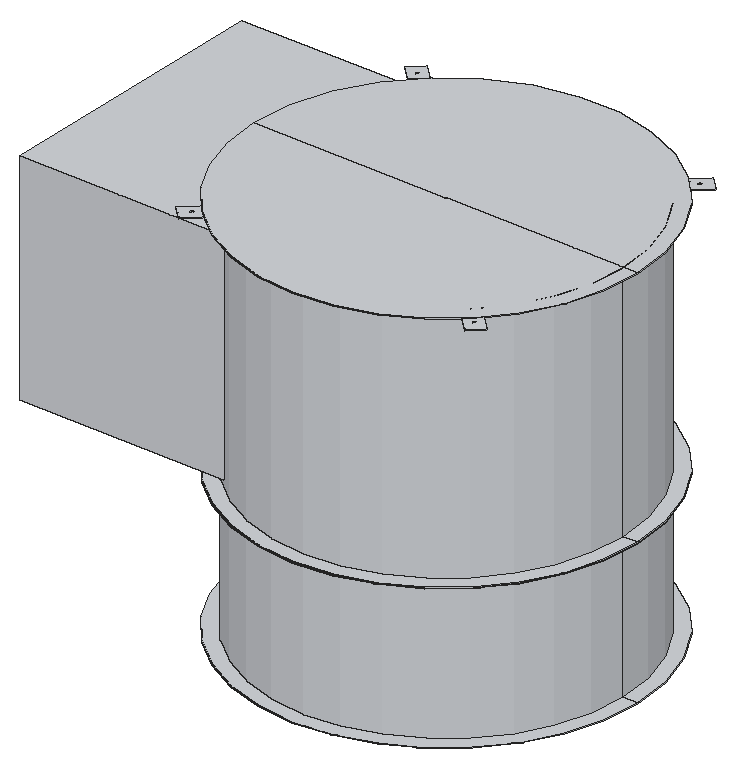
Revit family "AFBV-C_Downblast_Ceiling_Mount", category Mechanical Equipment, Revit 2019
Family settings
  Round Connector Dimension = Use Radius
  Part Type = Normal
  Work Plane-Based = No
  Always vertical = Yes
  Cut with Voids When Loaded = No
  Shared = No
  Room Calculation Point = No
Parameters (values of type "60_AFBV-C_DOWNBLAST_CEILING")
  VANE = 2' - 1"
  Unit Weight [instance] = ""
  ModelID [instance] = ""
  L/2 = L / 2  # 2' - 0 17/32"
  L = 4' - 1 1/16"
  K/2 = K / 2  # 0' - 0 7/32"
  K = 0' - 0 7/16"
  J/2 = J / 2  # 2' - 10 11/16"
  Accessories [instance] = ""
  45 = 45.00°  # constant formula
  (L-1")/2 = (L - 0' 1") / 2  # 2' - 0 1/32"
  (J+(J-A))/2 = (J + ((J - A) / 2)) / 2  # 3' - 0 11/16"
  J = 5' - 9 3/8"
  CENTER = 0' - 0"  # constant formula
  H-(A/2) = H - (A / 2)  # 2' - 0 1/16"
  H+J = H + CENTER  # 4' - 6 3/4"
  H = 4' - 6 3/4"
  Sones [instance] = ""
  Motor RPM [instance] = ""
  Motor Enclosure [instance] = ""
  LwA [instance] = ""
  G = 12' - 0"
  Fan RPM [instance] = ""
  F/2 = F / 2  # 0' - 1 1/2"
  F = 0' - 3"
  E/2 = E / 2  # 1' - 9"
  E-2" = E - 0' 2"  # 3' - 4"
  E = 3' - 6"
  C/2+J = C / 2 + CENTER  # 2' - 7 13/16"
  C/2 = C / 2  # 2' - 7 13/16"
  C = 5' - 3 5/8"
  B/2 = B / 2  # 2' - 9 3/8"
  B = 5' - 6 3/4"
  A/3 = A / 2.5  # 2' - 0.55"
  A/2 = A / 2  # 2' - 6 11/16"
  A = 5' - 1 3/8"
  60 = 60.00°  # constant formula
  30 = 30.00°  # constant formula
  3" = 0' - 3"  # constant formula
  Brake Hp [instance] = ""
  4" = 0' - 4"  # constant formula
  2' = 2' - 0"
  2" = 0' - 2"  # constant formula
  1" = 0' - 1"  # constant formula
  0 = 0' - 0"  # constant formula
  Voltage [instance] = 0 V
  URL = "www.lorencook.com"
  Type Comments = "Tube Axial Fan Downblast Ceiling Mount Belt Drive Arrangement 9"  # constant formula
  Static Pressure [instance] = 0.00 in-wg
  Power [instance] = Voltage * Motor FLA * sqrt(if(Phase = 3, 3, 1))  # 0 VA
  Phase [instance] = 0
  Number of Poles [instance] = 1
  Motor Hp [instance] = "0"
  Motor FLA [instance] = 0 A
  Model = "AFBV-C"  # constant formula
  Manufacturer = "Loren Cook Company"
  CFM [instance] = 0 CFM
  1.5 = 0' - 1 1/2"  # constant formula
  ONE EIGTH = 0' - 0 1/8"  # constant formula
  -E/2 = -E / 2  # -1' - 9"
  -(E-.25")/2 = -(E - 0' 0 1/4") / 2  # -1' - 8 7/8"
  (K/2)-((J-A-.25")/2) = (K / 2) - ((J - A - 0' 0 1/4") / 2)  # -0' - 3 21/32"
  (J-A-.25") = (J - A - 0' 0 1/4")  # 0' - 7 3/4"
  (H-(A/2))/2 = (H - (A / 2)) / 2  # 1' - 0 1/32"
  (E-.25")/2 = (E - 0' 0 1/4") / 2  # 1' - 8 7/8"
  (A+.25")/2 = (A + 0' 0 1/4") / 2  # 2' - 6 13/16"
Types (12): name | VANE | L/2 | L | K/2 | K | J/2 | (L-1")/2 | (J+(J-A))/2 | J | H-(A/2) | H+J | H | G | F/2 | F | E/2 | E-2" | E | C/2+J | C/2 | C | B/2 | B | A/3 | A/2 | A | -E/2 | -(E-.25")/2 | (K/2)-((J-A-.25")/2) | (J-A-.25") | (H-(A/2))/2 | (E-.25")/2 | (A+.25")/2
  (no name) | 2' - 1" | 2' - 0 17/32" | 4' - 1 1/16" | 0' - 0 7/32" | 0' - 0 7/16" | 2' - 10 11/16" | 2' - 0 1/32" | 3' - 0 11/16" | 5' - 9 3/8" | 2' - 0 1/16" | 4' - 6 3/4" | 4' - 6 3/4" | 12' - 0" | 0' - 1 1/2" | 0' - 3" | 1' - 9" | 3' - 4" | 3' - 6" | 2' - 7 13/16" | 2' - 7 13/16" | 5' - 3 5/8" | 2' - 9 3/8" | 5' - 6 3/4" | 2' - 0.55" | 2' - 6 11/16" | 5' - 1 3/8" | -1' - 9" | -1' - 8 7/8" | -0' - 3 21/32" | 0' - 7 3/4" | 1' - 0 1/32" | 1' - 8 7/8" | 2' - 6 13/16"
  12_AFBV-C_DOWNBLAST_CEILING | 0' - 6" | 0' - 6 3/8" | 1' - 0 3/4" | 0' - 0 3/16" | 0' - 0 3/8" | 0' - 9 1/32" | 0' - 5 7/8" | 0' - 10 21/64" | 1' - 6 1/16" | 1' - 6 3/16" | 2' - 0 5/8" | 2' - 0 5/8" | 6' - 0" | 0' - 0 5/32" | 0' - 0 5/16" | 0' - 11" | 1' - 8" | 1' - 10" | 0' - 7 5/16" | 0' - 7 5/16" | 1' - 2 5/8" | 0' - 7 13/16" | 1' - 3 5/8" | 0' - 5.15" | 0' - 6 7/16" | 1' - 0 7/8" | -0' - 11" | -0' - 10 7/8" | -0' - 2 9/32" | 0' - 4 15/16" | 0' - 9 3/32" | 0' - 10 7/8" | 0' - 6 9/16"
  16_AFBV-C_DOWNBLAST_CEILING | 0' - 10" | 0' - 7 13/16" | 1' - 3 5/8" | 0' - 0 3/16" | 0' - 0 3/8" | 0' - 11 1/32" | 0' - 7 5/16" | 1' - 0 21/64" | 1' - 10 1/16" | 1' - 9 11/16" | 2' - 6 1/8" | 2' - 6 1/8" | 6' - 0" | 0' - 0 5/32" | 0' - 0 5/16" | 1' - 0 1/2" | 1' - 11" | 2' - 1" | 0' - 9 5/16" | 0' - 9 5/16" | 1' - 6 5/8" | 0' - 9 13/16" | 1' - 7 5/8" | 0' - 6 3/4" | 0' - 8 7/16" | 1' - 4 7/8" | -1' - 0 1/2" | -1' - 0 3/8" | -0' - 2 9/32" | 0' - 4 15/16" | 0' - 10 27/32" | 1' - 0 3/8" | 0' - 8 9/16"
  18_AFBV-C_DOWNBLAST_CEILING | 0' - 11" | 0' - 8 1/2" | 1' - 5" | 0' - 0 3/16" | 0' - 0 3/8" | 1' - 0 1/32" | 0' - 8" | 1' - 1 21/64" | 2' - 0 1/16" | 1' - 9 11/16" | 2' - 7 1/8" | 2' - 7 1/8" | 6' - 0" | 0' - 0 5/32" | 0' - 0 5/16" | 1' - 0 1/2" | 1' - 11" | 2' - 1" | 0' - 10 5/16" | 0' - 10 5/16" | 1' - 8 5/8" | 0' - 10 13/16" | 1' - 9 5/8" | 0' - 7.55" | 0' - 9 7/16" | 1' - 6 7/8" | -1' - 0 1/2" | -1' - 0 3/8" | -0' - 2 9/32" | 0' - 4 15/16" | 0' - 10 27/32" | 1' - 0 3/8" | 0' - 9 9/16"
  24_AFBV-C_DOWNBLAST_CEILING | 1' - 1" | 0' - 10 7/8" | 1' - 9 3/4" | 0' - 0 3/16" | 0' - 0 3/8" | 1' - 3 13/32" | 0' - 10 3/8" | 1' - 4 57/64" | 2' - 6 13/16" | 2' - 3 7/16" | 3' - 3 7/8" | 3' - 3 7/8" | 6' - 0" | 0' - 0 7/32" | 0' - 0 7/16" | 1' - 3 1/2" | 2' - 5" | 2' - 7" | 1' - 1 7/16" | 1' - 1 7/16" | 2' - 2 7/8" | 1' - 2 9/16" | 2' - 5 1/8" | 0' - 9.95" | 1' - 0 7/16" | 2' - 0 7/8" | -1' - 3 1/2" | -1' - 3 3/8" | -0' - 2 21/32" | 0' - 5 11/16" | 1' - 1 23/32" | 1' - 3 3/8" | 1' - 0 9/16"
  28_AFBV-C_DOWNBLAST_CEILING | 1' - 1" | 1' - 0 5/16" | 2' - 0 5/8" | 0' - 0 3/16" | 0' - 0 3/8" | 1' - 5 13/32" | 0' - 11 13/16" | 1' - 6 57/64" | 2' - 10 13/16" | 2' - 3 7/16" | 3' - 5 7/8" | 3' - 5 7/8" | 6' - 0" | 0' - 0 7/32" | 0' - 0 7/16" | 1' - 3 1/2" | 2' - 5" | 2' - 7" | 1' - 3 7/16" | 1' - 3 7/16" | 2' - 6 7/8" | 1' - 4 9/16" | 2' - 9 1/8" | 0' - 11.55" | 1' - 2 7/16" | 2' - 4 7/8" | -1' - 3 1/2" | -1' - 3 3/8" | -0' - 2 21/32" | 0' - 5 11/16" | 1' - 1 23/32" | 1' - 3 3/8" | 1' - 2 9/16"
  32_AFBV-C_DOWNBLAST_CEILING | 1' - 3" | 1' - 2 1/8" | 2' - 4 1/4" | 0' - 0 7/32" | 0' - 0 7/16" | 1' - 7 31/32" | 1' - 1 5/8" | 1' - 9 45/64" | 3' - 3 15/16" | 2' - 4 3/4" | 3' - 9 1/4" | 3' - 9 1/4" | 6' - 0" | 0' - 0 7/32" | 0' - 0 7/16" | 1' - 5" | 2' - 8" | 2' - 10" | 1' - 5 1/2" | 1' - 5 1/2" | 2' - 11" | 1' - 6 5/8" | 3' - 1 1/4" | 1' - 1.2" | 1' - 4 1/2" | 2' - 9" | -1' - 5" | -1' - 4 7/8" | -0' - 3 1/8" | 0' - 6 11/16" | 1' - 2 3/8" | 1' - 4 7/8" | 1' - 4 5/8"
  36_AFBV-C_DOWNBLAST_CEILING | 1' - 4" | 1' - 3 17/32" | 2' - 7 1/16" | 0' - 0 7/32" | 0' - 0 7/16" | 1' - 9 31/32" | 1' - 3 1/32" | 1' - 11 45/64" | 3' - 7 15/16" | 2' - 4 3/4" | 3' - 11 1/4" | 3' - 11 1/4" | 6' - 0" | 0' - 0 7/32" | 0' - 0 7/16" | 1' - 5" | 2' - 8" | 2' - 10" | 1' - 7 1/2" | 1' - 7 1/2" | 3' - 3" | 1' - 8 11/16" | 3' - 5 3/8" | 1' - 2.8" | 1' - 6 1/2" | 3' - 1" | -1' - 5" | -1' - 4 7/8" | -0' - 3 1/8" | 0' - 6 11/16" | 1' - 2 3/8" | 1' - 4 7/8" | 1' - 6 5/8"
  44_AFBV-C_DOWNBLAST_CEILING | 1' - 7" | 1' - 6 3/8" | 3' - 0 3/4" | 0' - 0 7/32" | 0' - 0 7/16" | 2' - 2" | 1' - 5 7/8" | 2' - 3 3/4" | 4' - 4" | 3' - 0 1/4" | 4' - 10 3/4" | 4' - 10 3/4" | 12' - 0" | 0' - 0 7/32" | 0' - 0 7/16" | 1' - 9" | 3' - 4" | 3' - 6" | 1' - 11 3/4" | 1' - 11 3/4" | 3' - 11 1/2" | 2' - 0 11/16" | 4' - 1 3/8" | 1' - 6" | 1' - 10 1/2" | 3' - 9" | -1' - 9" | -1' - 8 7/8" | -0' - 3 5/32" | 0' - 6 3/4" | 1' - 6 1/8" | 1' - 8 7/8" | 1' - 10 5/8"
  48_AFBV-C_DOWNBLAST_CEILING | 1' - 10" | 1' - 8 3/16" | 3' - 4 3/8" | 0' - 0 7/32" | 0' - 0 7/16" | 2' - 4 9/16" | 1' - 7 11/16" | 2' - 6 9/16" | 4' - 9 1/8" | 3' - 0 3/16" | 5' - 0 3/4" | 5' - 0 3/4" | 12' - 0" | 0' - 0 7/32" | 0' - 0 7/16" | 1' - 9" | 3' - 4" | 3' - 6" | 2' - 1 13/16" | 2' - 1 13/16" | 4' - 3 5/8" | 2' - 2 3/4" | 4' - 5 1/2" | 1' - 7.65" | 2' - 0 9/16" | 4' - 1 1/8" | -1' - 9" | -1' - 8 7/8" | -0' - 3 21/32" | 0' - 7 3/4" | 1' - 6 3/32" | 1' - 8 7/8" | 2' - 0 11/16"
  54_AFBV-C_DOWNBLAST_CEILING | 1' - 11" | 1' - 10 1/2" | 3' - 9" | 0' - 0 7/32" | 0' - 0 7/16" | 2' - 7 13/16" | 1' - 10" | 2' - 9 7/8" | 5' - 3 5/8" | 2' - 0 1/16" | 4' - 3 3/4" | 4' - 3 3/4" | 12' - 0" | 0' - 0 7/32" | 0' - 0 7/16" | 1' - 9" | 3' - 4" | 3' - 6" | 2' - 4 13/16" | 2' - 4 13/16" | 4' - 9 5/8" | 2' - 6 3/8" | 5' - 0 3/4" | 1' - 10.15" | 2' - 3 11/16" | 4' - 7 3/8" | -1' - 9" | -1' - 8 7/8" | -0' - 3 25/32" | 0' - 8" | 1' - 0 1/32" | 1' - 8 7/8" | 2' - 3 13/16"
  60_AFBV-C_DOWNBLAST_CEILING | 2' - 1" | 2' - 0 17/32" | 4' - 1 1/16" | 0' - 0 7/32" | 0' - 0 7/16" | 2' - 10 11/16" | 2' - 0 1/32" | 3' - 0 11/16" | 5' - 9 3/8" | 2' - 0 1/16" | 4' - 6 3/4" | 4' - 6 3/4" | 12' - 0" | 0' - 1 1/2" | 0' - 3" | 1' - 9" | 3' - 4" | 3' - 6" | 2' - 7 13/16" | 2' - 7 13/16" | 5' - 3 5/8" | 2' - 9 3/8" | 5' - 6 3/4" | 2' - 0.55" | 2' - 6 11/16" | 5' - 1 3/8" | -1' - 9" | -1' - 8 7/8" | -0' - 3 21/32" | 0' - 7 3/4" | 1' - 0 1/32" | 1' - 8 7/8" | 2' - 6 13/16"
Reference planes (in)
  plane 1 "Center (Front/Back)": y = 0
  plane 2: z = 0
  plane 3 "Center (Left/Right)": x = 0.40541
Forms (in)
  Revolve 1, solid
    sketch origin (0, 0, 0) x (1, 0, 0) y (0, 0, 1)
      loop
        line (0.40541, -21) -> (33.78041, -21) -> (33.78041, -20.875) -> (31.21791, -20.875) -> (31.21791, 20.875) -> (33.78041, 20.875) -> (33.78041, 21) -> (0.40541, 21) -> (0.40541, -21)
      axis (0.40541, -21) -> (0.40541, 21)
    angle from 0 to 360
  Extrusion 2, solid
    sketch origin (0.40541, 0, 20.875) x (1, 0, 0) y (0, -1, 0)
      loop
        arc (-19.28495, -24.03125) -> (-30.8125, 0) -> (-19.28495, 24.03125) r 30.8125
        line (-19.28495, 24.03125) -> (-54.75, 24.03125) -> (-54.75, -24.03125) -> (-19.28495, -24.03125)
    from 40 <- "E-2"" to 2
  Extrusion 3, void
    sketch origin (0, 0, 0) x (1, 0, 0) y (0, 1, 0)
      loop
        circle (0.40541, 0) r 0.125
    from -21 <- "-E/2" to 21 <- "E/2"
  Extrusion 4, solid
    sketch origin (0, 0, 0) x (1, 0, 0) y (0, 1, 0)
      loop
        arc (-24.45422, 26.98095) -> (-25.53657, 25.94198) -> (-26.57554, 24.85963) r 36.6875
        line (-26.57554, 24.85963) -> (-24.23109, 22.51518)
        arc (-24.23109, 22.51518) -> (-23.19428, 23.59969) -> (-22.10977, 24.6365) r 33.375
        line (-22.10977, 24.6365) -> (-24.45422, 26.98095)
      loop
        arc (25.26504, -26.98095) -> (26.34739, -25.94198) -> (27.38636, -24.85963) r 36.6875
        line (27.38636, -24.85963) -> (25.04191, -22.51518)
        arc (25.04191, -22.51518) -> (24.0051, -23.59969) -> (22.92059, -24.6365) r 33.375
        line (22.92059, -24.6365) -> (25.26504, -26.98095)
      loop
        arc (-26.57554, -24.85963) -> (-25.53657, -25.94198) -> (-24.45422, -26.98095) r 36.6875
        line (-24.45422, -26.98095) -> (-22.10977, -24.6365)
        arc (-22.10977, -24.6365) -> (-23.19428, -23.59969) -> (-24.23109, -22.51518) r 33.375
        line (-24.23109, -22.51518) -> (-26.57554, -24.85963)
      loop
        arc (27.38636, 24.85963) -> (26.34739, 25.94198) -> (25.26504, 26.98095) r 36.6875
        line (25.26504, 26.98095) -> (22.92059, 24.6365)
        arc (22.92059, 24.6365) -> (24.0051, 23.59969) -> (25.04191, 22.51518) r 33.375
        line (25.04191, 22.51518) -> (27.38636, 24.85963)
    from 20.875 <- "(E-.25")/2" to 21 <- "E/2"
  Extrusion 5, void
    sketch origin (0, 0, 0) x (1, 0, 0) y (0, 1, 0)
      loop
        circle (24.93666, 24.53125) r 0.21875
      loop
        circle (-24.12584, 24.53125) r 0.21875
      loop
        circle (-24.12584, -24.53125) r 0.21875
      loop
        circle (24.93666, -24.53125) r 0.21875
    from 21 <- "E/2" to -21 <- "-E/2"
  Revolve 6, solid
    sketch origin (0, 0, 0) x (1, 0, 0) y (0, 0, 1)
      loop
        line (31.21791, -45.875) -> (31.21791, -21.125) -> (33.78041, -21.125) -> (33.78041, -21) -> (31.09291, -21) -> (31.09291, -46) -> (33.78041, -46) -> (33.78041, -45.875) -> (31.21791, -45.875)
      axis (0.40541, -21) -> (0.40541, -46)
    angle from 0 to 360
Cuts and joins
  Extrusion 3, Extrusion 5 cuts Revolve 1
  Extrusion 3, Extrusion 5 cuts Extrusion 2
  Extrusion 5 cuts Extrusion 4
Dimensions and locks (in)
  "0": Revolve 1 sketch curve to plane 3 "Center (Left/Right)"  (x2)
  "(A+.25")/2": Revolve 1 sketch curve to plane 3 "Center (Left/Right)"
  "B/2": Revolve 1 sketch curve to plane 3 "Center (Left/Right)"  (x2)
  "ONE EIGTH": Revolve 1 sketch curve to Revolve 1 sketch curve  (x2)
  "E": Revolve 1 sketch curve to Revolve 1 sketch curve
  "E/2": level to Revolve 1 sketch curve
  "H": Extrusion 2 sketch curve to plane 3 "Center (Left/Right)"
  "(L-1")/2": Extrusion 2 sketch curve to plane 1 "Center (Front/Back)"  (x2)
  "0": Extrusion 2 sketch curve to plane 3 "Center (Left/Right)"
  "0": Extrusion 2 sketch curve to plane 1 "Center (Front/Back)"
  "0": Extrusion 3 sketch curve to plane 3 "Center (Left/Right)"
  "0": plane 1 "Center (Front/Back)" to Extrusion 3 sketch curve
  "0": Extrusion 4 sketch curve to plane 3 "Center (Left/Right)"  (x8)
  "0": Extrusion 4 sketch curve to plane 1 "Center (Front/Back)"  (x8)
  "1.5": plane 3 "Center (Left/Right)" to Extrusion 4 sketch curve  (x3)
  "3"": Extrusion 4 sketch curve to Extrusion 4 sketch curve  (x4)
  "1.5": Extrusion 4 sketch curve to plane 3 "Center (Left/Right)"
  "L/2": plane 3 "Center (Left/Right)" to Extrusion 5 sketch curve  (x4)
  "L/2": plane 1 "Center (Front/Back)" to Extrusion 5 sketch curve  (x4)
  "0": Revolve 6 sketch curve to plane 3 "Center (Left/Right)"
  "0": cut or joined group of Revolve 1, Extrusion 3, Extrusion 5 to Revolve 6 sketch curve  (x2)
  "0": Revolve 6 sketch curve to cut or joined group of Revolve 1, Extrusion 3, Extrusion 5  (x2)
  "ONE EIGTH": Revolve 6 sketch curve to Revolve 6 sketch curve  (x3)
  "VANE": Revolve 6 sketch curve to Revolve 6 sketch curve
  "(A+.25")/2": radius of Extrusion 2 sketch curve
  "ONE EIGTH": radius of Extrusion 3 sketch curve
  "(J+(J-A))/2": radius of Extrusion 4 sketch curve  (x4)
  "B/2": radius of Extrusion 4 sketch curve  (x4)
  "K/2": radius of Extrusion 5 sketch curve  (x4)
  "45": angle Extrusion 4 sketch curve to plane 3 "Center (Left/Right)"
  "45": angle Extrusion 4 sketch curve to plane 1 "Center (Front/Back)"  (x2)
  "45": angle plane 1 "Center (Front/Back)" to Extrusion 4 sketch curve
Automatic sketch dimensions
  Revolve 1 sketch curve to Revolve 1 sketch curve = 0' - 0"
  Revolve 1 sketch curve to Revolve 1 sketch curve = 1' - 6"
  Extrusion 2 sketch curve to Extrusion 2 sketch curve = 0' - 0"
  level to Revolve 6 sketch curve = 2' - 4.42238"
  Revolve 6 sketch curve to Revolve 6 sketch curve = 1' - 3"
Connectors (in)
  electrical at (-36.61206, -24.03125, -0.125)
    settings: on Extrusion 2, index 1, voltage 0 V, apparent load 0 VA, apparent load phase1 0 VA, apparent load phase2 0 VA, apparent load phase3 0 VA, power factor 1, load classification "Other", number of poles 1, system type 30, power factor state 1, is connector primary yes, connector utility no, sub classification motor no, connector description ""
  hvac at (0.40541, 0, 20.875), driven by "A/2"
    settings: on Revolve 1, index 2, duct flow 0 CFM, flow factor 0, pres drop 0.00 in-wg, loss coef 0, conn angle 0.00°, conn width 12", conn height 12", conn diameter 61 3/8", duct sys type 29, conn prof type 0, flow config 0, flow direction 1, loss method 0, conn ref index -1, conn util no, is conn primary yes, conn desc ""
  hvac at (0.40541, 0, -46), driven by "A/2"
    settings: on Revolve 6, index 3, duct flow 0 CFM, flow factor 0, pres drop 0.00 in-wg, loss coef 0, conn angle 0.00°, conn width 12", conn height 12", conn diameter 61 3/8", duct sys type 29, conn prof type 0, flow config 0, flow direction 2, loss method 0, conn ref index -1, conn util no, is conn primary no, conn desc ""
